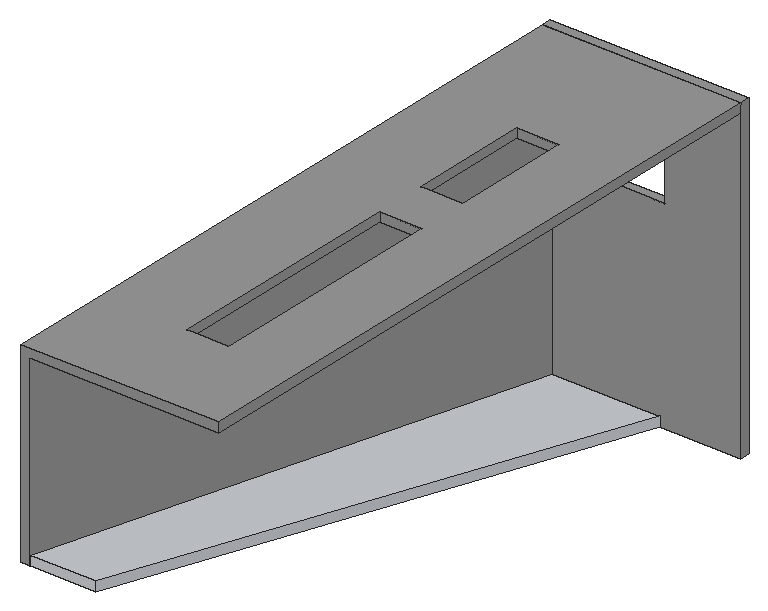
Revit family "Wand- und Stielausleger  MWA 12 11S", category Generic Models, Revit 2017
Family settings
  Can host rebar = No
  Round Connector Dimension = Use Diameter
  Part Type = Normal
  Work Plane-Based = No
  Always vertical = Yes
  Cut with Voids When Loaded = No
  Shared = No
  Room Calculation Point = No
Parameters (values of type "MWA 12 11S A2")
  URL = "http://www.obo-bettermann.com"
  Material = Edelstahl, rostfrei 1.4301 [117]
  Manufacturer Art.No. = "6424430"
  Manufacturer = "OBO BETTERMANN"
  GTIN = ""
  Article Type = "MWA 12 11S A2"
Reference planes
  plane 1 "Center (Front/Back)": y = 0
  plane 2: z = 0
  plane 3 "Center (Left/Right)": x = 0
  plane 4: y = 1.5
  plane 5: y = 0
  plane 6: y = -108.5
  plane 7: z = 20.6
  plane 8: x = 12.5
  plane 9: x = 19.5
  plane 10: x = 15.81
  plane 11: z = 45.5
  plane 12: y = -92
  plane 13: x = 18
  plane 14: y = -43.5
Forms (mm)
  Extrusion 1, solid, material "Edelstahl, rostfrei 1.4301 [117]" <- "Material"
    sketch origin (0, 0, 0) x (1, 0, 0) y (0, 0, 1)
      loop
        line (0, 0) -> (33, 0) -> (33, 53) -> (0, 53) -> (0, 0)
    from 0 to -1.5
  Extrusion 2, solid, material "Edelstahl, rostfrei 1.4301 [117]" <- "Material"
    sketch origin (0, 0, 0) x (1, 0, 0) y (0, 0, 1)
      loop
        line (33, 53) -> (0, 53) -> (0, 0) -> (1.5, 0) -> (1.5, 51.5) -> (33, 51.5) -> (33, 53)
    from 108.5 to 0
  Extrusion 3, void
    sketch origin (0, 0, 0) x (0, 1, 0) y (0, 0, 1)
      loop
        line (-108.5, 20.6) -> (-108.5, 0) -> (0, 0) -> (-108.5, 20.6)
    from 0 to 1.5
  Extrusion 4, solid
    sketch origin (0, 0, 0) x (0, 1, 0) y (0, 0, 1)
      loop
        line (-108.5, 20.6) -> (0, 0) -> (0, 1.527) -> (-108.5, 22.127) -> (-108.5, 20.6)
    from 0 to 33
  Extrusion 5, void
    sketch origin (0, 0, 0) x (1, 0, 0) y (0, 1, 0)
      loop
        line (19.5, 0) -> (12.5, -108.5) -> (33, -108.5) -> (33, 0) -> (19.5, 0)
    from 0 to 22.127
  Extrusion 6, void
    sketch origin (0, 0, 0) x (1, 0, 0) y (0, 0, 1)
      loop
        line (11.31, 45.5) -> (11.31, 33.5) -> (20.31, 33.5) -> (20.31, 45.5) -> (11.31, 45.5)
    from -1.5 to 0
  Extrusion 7, void
    sketch origin (0, 0, 0) x (1, 0, 0) y (0, 1, 0)
      loop
        line (14.5, -92) -> (21.5, -92) -> (21.5, -52) -> (14.5, -52) -> (14.5, -92)
      loop
        line (14.5, -43.5) -> (21.5, -43.5) -> (21.5, -23.5) -> (14.5, -23.5) -> (14.5, -43.5)
    from 51.5 to 53
Cuts and joins
  Extrusion 3, Extrusion 5, Extrusion 7 cuts Extrusion 2
  Extrusion 5, Extrusion 6 cuts Extrusion 1
  Extrusion 5, Extrusion 7 cuts Extrusion 4
Dimensions and locks
  locked: Extrusion 1 sketch curve to Extrusion 1 sketch curve at 53
  locked: Extrusion 1 sketch curve to Extrusion 1 sketch curve at 33
  locked: Extrusion 1 to Extrusion 1 at 1.5
  locked: Extrusion 1 to Extrusion 1 at 53
  locked: Extrusion 1 to Extrusion 1 at 33
  locked: Extrusion 1 to Extrusion 2 sketch curve at 1.5  (x2)
  plane 1 "Center (Front/Back)" to plane 5 = 0 mm
  locked: Extrusion 1 to plane 6 at 110
  locked: plane 3 "Center (Left/Right)" to plane 8 at 12.5
  locked: cut or joined group of Extrusion 2, Extrusion 3, Extrusion 5, Extrusion 7 to plane 9 at 19.5
  cut or joined group of Extrusion 2, Extrusion 3, Extrusion 5, Extrusion 7 to plane 11 = 6 mm
  locked: Extrusion 6 sketch curve to Extrusion 6 sketch curve at 9
  locked: plane 10 to Extrusion 6 sketch curve at 4.5
  locked: Extrusion 6 sketch curve to Extrusion 6 sketch curve at 12
  locked: cut or joined group of Extrusion 2, Extrusion 3, Extrusion 5, Extrusion 7 to plane 12 at 16.5
  locked: Extrusion 7 sketch curve to Extrusion 7 sketch curve at 7  (x2)
  locked: Extrusion 7 sketch curve to plane 13 at 3.5
  locked: Extrusion 7 sketch curve to Extrusion 7 sketch curve at 40
  locked: plane 14 to Extrusion 7 sketch curve at 8.5
  locked: Extrusion 7 sketch curve to Extrusion 7 sketch curve at 20
  locked: plane 13 to cut or joined group of Extrusion 2, Extrusion 3, Extrusion 5, Extrusion 7 at 15
  aligned and locked: level to plane 2
  aligned and locked: Extrusion 1 sketch curve to level
  aligned and locked: Extrusion 1 to plane 4
  aligned and locked: plane 5 to Extrusion 2
  aligned and locked: plane 6 to Extrusion 2
  aligned and locked: Extrusion 3 to Extrusion 2
  aligned and locked: Extrusion 3 to plane 3 "Center (Left/Right)"
  aligned and locked: plane 6 to Extrusion 4 sketch curve
  aligned and locked: Extrusion 4 to plane 1 "Center (Front/Back)"
  aligned and locked: plane 6 to Extrusion 4
  aligned and locked: plane 1 "Center (Front/Back)" to Extrusion 6
  aligned and locked: Extrusion 7 sketch curve to plane 12
  aligned and locked: Extrusion 7 sketch curve to plane 14
  aligned and locked: Extrusion 2 to Extrusion 7  (x2)
  aligned and locked: Extrusion 7 sketch curve to Extrusion 7 sketch curve  (x2)
